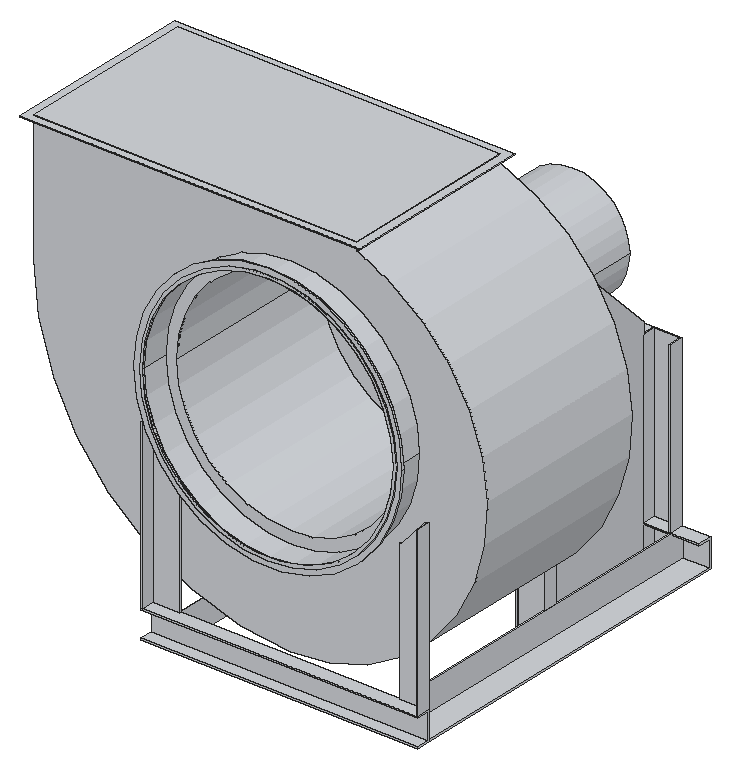
Revit family "ME_Centrifugal Fan", category Mechanical Equipment, Revit 2022
Family settings
  Round Connector Dimension = Use Radius
  Classification = None
  Part Type = Normal
  Work Plane-Based = No
  Always vertical = Yes
  Cut with Voids When Loaded = No
  Maintain Annotation Orientation = No
  Shared = No
  Room Calculation Point = No
Parameters (values of type "900")
  ШиринаСтойкиОкна2 = size_lookup(Габариты, "O2", 0.00 mm, НомерВентилятора)  # 160.00 mm
  ШиринаСтойкиОкна1 = size_lookup(Габариты, "O1", 0.00 mm, НомерВентилятора)  # 160.00 mm
  ШиринаСтойкиДвигателя = size_lookup(Габариты, "SSD", 0.00 mm, НомерВентилятора)  # 100.00 mm
  Швеллер = yes
  Уголок = size_lookup(Габариты, "Ugolok", 0.00 mm, НомерВентилятора)  # 100.00 mm
  УголВысота = "ВРАН_Угол_Высота"
  УголНаклона [instance] = if(Угол = 315.00°, 270.00°, if(Угол = 135.00°, 270.00°, Угол))  # 0.00°
  Угол [instance] = 0.00°
  Столик = -size_lookup(Габариты, "Ugolok", 0.00 mm, НомерВентилятора)  # -100.00 mm
  TES_RPM [instance] = 0
  TES_Pressure [instance] = 0.0 Pa
  TES_MotorPower [instance] = 0 W
  TES_AirFlow [instance] = if(Override Loads, Override AirFlow, AirFlow)  # 0.0 m³/h
  Override Loads [instance] = no
  Override AirFlow [instance] = 0.0 m³/h
  Description = "מפוח צנטריפוגלי"  # constant formula
  Default Elevation = 0.00 mm
  AirFlow [instance] = 0.0 m³/h
  Габариты = "vran_du"
  РадиусДвигателя = size_lookup(Габариты, "RD", 0.00 mm, НомерВентилятора)  # 200.00 mm
  НомерВентилятора = 9.00 mm
  Type Comments = ""
  ВысотаПлощадкиДвигателя [instance] = h - РадиусДвигателя  # 690.00 mm
  ВерхОпор = size_lookup(Габариты, "VO", 0.00 mm, НомерВентилятора)  # 350.00 mm
  R3 = R2 + 30.00 mm  # 470.00 mm
  R2 = R - 10.00 mm  # 440.00 mm
  Lmax = size_lookup(Габариты, "Lmax", 0.00 mm, НомерВентилятора)  # 1283.00 mm
  h [instance] = size_lookup(УголВысота, "h", 0.00 mm, НомерВентилятора, УголНаклона)  # 890.00 mm
  R = (size_lookup(Габариты, "D", 0.00 mm, НомерВентилятора)) / 2  # 450.00 mm
  L2 = size_lookup(Габариты, "L2", 0.00 mm, НомерВентилятора)  # 335.00 mm
  H = size_lookup(Габариты, "H", 0.00 mm, НомерВентилятора)  # 1480.00 mm
  D = R * 2  # 900.00 mm
  C = size_lookup(Габариты, "C", 0.00 mm, НомерВентилятора)  # 870.00 mm
  B_корпуса = size_lookup(Габариты, "BK", 0.00 mm, НомерВентилятора)  # 1616.00 mm
  B = size_lookup(Габариты, "B", 0.00 mm, НомерВентилятора)  # 1130.00 mm
  A = size_lookup(Габариты, "A", 0.00 mm, НомерВентилятора)  # 630.00 mm
Types (15, lengths in mm): name | ШиринаСтойкиОкна2 | ШиринаСтойкиОкна1 | ШиринаСтойкиДвигателя | Уголок | Столик | Габариты | РадиусДвигателя | НомерВентилятора | ВысотаПлощадкиДвигателя | ВерхОпор | R3 | R2 | Lmax | h | R | L2 | H | D | C | B_корпуса | B | A
  1120 | 200.00 | 200.00 | 100.00 | 100.00 | -100.00 | "vran_du" | 200.00 | 11.20 | 900.00 | 450.00 | 580.00 | 550.00 | 1560.00 | 1100.00 | 560.00 | 409.00 | 1835.00 | 1120.00 | 1070.00 | 2005.00 | 1422.00 | 784.00
  1250 | 200.00 | 200.00 | 100.00 | 100.00 | -100.00 | "vran_du" | 200.00 | 12.50 | 1030.00 | 450.00 | 645.00 | 615.00 | 1770.00 | 1230.00 | 625.00 | 455.00 | 2040.00 | 1250.00 | 1230.00 | 2249.00 | 1588.00 | 875.00
  1000 | 200.00 | 200.00 | 100.00 | 100.00 | -100.00 | "УлиткаВРАН" | 200.00 | 10.00 | 770.00 | 400.00 | 520.00 | 490.00 | 1423.00 | 970.00 | 500.00 | 367.00 | 1626.00 | 1000.00 | 960.00 | 1800.00 | 1267.00 | 700.00
  560 | 100.00 | 130.00 | 50.00 | 50.00 | -50.00 | "vran_du" | 100.00 | 5.60 | 470.00 | 200.00 | 300.00 | 270.00 | 865.00 | 570.00 | 280.00 | 202.00 | 945.00 | 560.00 | 550.00 | 1020.00 | 720.00 | 397.00
  400 | 50.00 | 100.00 | 50.00 | 50.00 | -50.00 | "vran_du" | 100.00 | 4.00 | 290.00 | 140.00 | 220.00 | 190.00 | 760.00 | 390.00 | 200.00 | 145.00 | 680.00 | 400.00 | 520.00 | 739.00 | 512.00 | 284.00
  630 | 100.00 | 130.00 | 50.00 | 50.00 | -50.00 | "vran_du" | 150.00 | 6.30 | 490.00 | 200.00 | 335.00 | 305.00 | 989.00 | 640.00 | 315.00 | 231.00 | 1066.00 | 630.00 | 550.00 | 1140.00 | 802.00 | 444.00
  280 | 50.00 | 80.00 | 50.00 | 50.00 | -50.00 | "vran_du" | 80.00 | 2.80 | 230.00 | 70.00 | 160.00 | 130.00 | 495.00 | 310.00 | 140.00 | 101.00 | 503.00 | 280.00 | 370.00 | 523.00 | 363.00 | 200.00
  355 | 50.00 | 100.00 | 50.00 | 50.00 | -50.00 | "vran_du" | 100.00 | 3.55 | 250.00 | 140.00 | 197.50 | 167.50 | 591.00 | 350.00 | 177.50 | 129.00 | 595.00 | 355.00 | 460.00 | 644.00 | 453.00 | 250.00
  500 | 100.00 | 130.00 | 50.00 | 50.00 | -50.00 | "vran_du" | 100.00 | 5.00 | 416.00 | 200.00 | 270.00 | 240.00 | 800.00 | 516.00 | 250.00 | 182.00 | 873.00 | 500.00 | 525.00 | 916.00 | 644.00 | 356.00
  900 | 160.00 | 160.00 | 100.00 | 100.00 | -100.00 | "vran_du" | 200.00 | 9.00 | 690.00 | 350.00 | 470.00 | 440.00 | 1283.00 | 890.00 | 450.00 | 335.00 | 1480.00 | 900.00 | 870.00 | 1616.00 | 1130.00 | 630.00
  800 | 160.00 | 160.00 | 100.00 | 100.00 | -100.00 | "vran_du" | 200.00 | 8.00 | 595.00 | 300.00 | 420.00 | 390.00 | 1133.00 | 795.00 | 400.00 | 297.00 | 1331.00 | 800.00 | 800.00 | 1440.00 | 1007.00 | 560.00
  250 | 30.00 | 80.00 | 50.00 | 50.00 | -50.00 | "vran_du" | 80.00 | 2.50 | 160.00 | 70.00 | 145.00 | 115.00 | 471.00 | 240.00 | 125.00 | 86.00 | 413.00 | 250.00 | 340.00 | 464.00 | 325.00 | 175.00
  315 | 50.00 | 80.00 | 50.00 | 50.00 | -50.00 | "vran_du" | 80.00 | 3.15 | 230.00 | 140.00 | 177.50 | 147.50 | 543.00 | 310.00 | 157.50 | 115.00 | 525.00 | 315.00 | 420.00 | 570.00 | 397.00 | 218.00
  450 | 80.00 | 100.00 | 50.00 | 50.00 | -50.00 | "vran_du" | 100.00 | 4.50 | 335.00 | 200.00 | 245.00 | 215.00 | 770.00 | 435.00 | 225.00 | 164.00 | 760.00 | 450.00 | 525.00 | 822.00 | 569.00 | 315.00
  710 | 160.00 | 160.00 | 100.00 | 100.00 | -100.00 | "vran_du" | 150.00 | 7.10 | 595.00 | 200.00 | 375.00 | 345.00 | 1070.00 | 745.00 | 355.00 | 260.00 | 1225.00 | 710.00 | 710.00 | 1282.00 | 901.00 | 500.00
Reference planes
  plane 1 "По центру (Вперед/Назад)": y = 0
  plane 2: z = 0
  plane 3 "По центру (Влево/Вправо)": x = 0
  plane 4: y = -415
  plane 5 "УлиткаТыл": y = 315
  plane 6 "УлиткаФронт": y = -315
  plane 7 "ОсьДвигателя": z = 890
  plane 8: z = 690
  plane 9: x = -435
  plane 10: x = 435
  plane 11 "ГибкаяВставкаКруглая": y = -555
  plane 12 "ГабаоитВерхний": z = 1480
  plane 13 "ГибкаяВставкаПрямоугольная": z = 1620
  plane 14 "ОпораФронт": y = -365
  plane 15 "ОпораТыл": y = 918
  plane 16: x = 485
  plane 17: x = -485
  plane 18: x = 385
  plane 19: x = -385
  plane 20 "СтолПраво": x = 285
  plane 21 "СтолЛево": x = -285
  plane 22 "ВерхОпор": z = 1240
  plane 23 "СтойкаОкна2": z = 1080
  plane 24 "СтойкаОкна1": y = 758
  plane 25 "Уголок": z = 100
  plane 26: z = 715
  plane 27: y = 868
Forms (mm)
  Extrusion 1, solid
    sketch origin (-640.854, -315, 1200) x (-1, 0, 0) y (0, 0, 1)
      loop
        circle (-640.854, -310) r 450
      loop
        circle (-640.854, -310) r 440
    from 0 to -100
  Extrusion 2, solid
    sketch origin (-640.854, 315, 1200) x (-1, 0, 0) y (0, 0, 1)
      loop
        circle (-640.854, -310) r 200
    from 0 to 603
  Extrusion 3, solid
    sketch origin (-406.373, -1524, 690) x (-1, 0, 0) y (0, -1, 0)
      loop
        line (-121.373, -2442) -> (-121.373, -1839) -> (-691.373, -1839) -> (-691.373, -2442) -> (-121.373, -2442)
    from 0 to -100 <- "Столик"
  Extrusion 4, solid
    sketch origin (-640.854, -415, 1200) x (1, 0, 0) y (0, 0, 1)
      loop
        circle (640.854, -310) r 470
      loop
        circle (640.854, -310) r 440
    from 0 to -5
  Extrusion 5, solid
    sketch origin (-640.854, 315, 1200) x (1, 0, 0) y (0, 0, 1)
      loop
        circle (640.854, -310) r 450
    from 0 to 5
  Sweep 6, solid
    path in 3D
      loop
        line (435, -315, 0) -> (435, 918, 0)
    profile "461_ПрофильУголокОпоры : Профиль" origin (435, 301.5, 0) x (-1, 0, 0) y (0, 0, 1)
      loop
        line (50, 100) -> (45, 100) -> (45, 5) -> (-50, 5) -> (-50, 0) -> (50, 0) -> (50, 100)
  Sweep 7, solid
    path in 3D
      loop
        line (-435, -315, 0) -> (-435, 918, 0)
    profile "461_ПрофильУголокОпоры : Профиль" origin (-435, 301.5, 0) x (-1, 0, 0) y (0, 0, 1)
      loop
        line (-50, 100) -> (-50, 0) -> (50, 0) -> (50, 5) -> (-45, 5) -> (-45, 100) -> (-50, 100)
  Sweep 8, solid, visible <- "Швеллер"
    path in 3D
      loop
        line (-485, -365, 0) -> (485, -365, 0)
    profile "461_ПрофильШвеллерОпоры : Профиль" origin (0, -365, 0) x (0, 1, 0) y (0, 0, 1)
      loop
        line (50, 0) -> (50, 100) -> (0, 100) -> (0, 95) -> (45, 95) -> (45, 5) -> (0, 5) -> (0, 0) -> (50, 0)
  Extrusion 9, solid
    sketch origin (0, 0, 0) x (1, 0, 0) y (0, 1, 0)
      loop
        line (385, 918) -> (285, 918) -> (285, 868) -> (290, 868) -> (290, 913) -> (380, 913) -> (380, 868) -> (385, 868) -> (385, 918)
      loop
        line (-385, 918) -> (-385, 868) -> (-380, 868) -> (-380, 913) -> (-290, 913) -> (-290, 868) -> (-285, 868) -> (-285, 918) -> (-385, 918)
    from 0 to 690
  Extrusion 10, solid
    sketch origin (0, 0, 0) x (1, 0, 0) y (0, 1, 0)
      loop
        line (385, 315) -> (385, 365) -> (380, 365) -> (380, 320) -> (285, 320) -> (285, 315) -> (385, 315)
      loop
        line (-385, 315) -> (-285, 315) -> (-285, 320) -> (-380, 320) -> (-380, 365) -> (-385, 365) -> (-385, 315)
    from 0 to 1240
  Extrusion 11, void
    sketch origin (-640.854, 315, 1200) x (1, 0, 0) y (0, 0, 1)
      loop
        line (1025.854, 40) -> (925.854, 40) -> (925.854, 33.61) -> (934.608, 33.61) -> (1015.854, -50) -> (1025.854, -50) -> (1025.854, 40)
      loop
        line (255.854, 40) -> (255.854, -50) -> (265.854, -50) -> (347.099, 33.61) -> (355.854, 33.61) -> (355.854, 40) -> (255.854, 40)
    from 0 to -60
  Extrusion 12, solid
    sketch origin (285, 0, 0) x (0, 1, 0) y (0, 0, 1)
      loop
        line (868, 730.042) -> (365.042, 1240) -> (315, 1240) -> (315, 0) -> (868, 0) -> (868, 730.042)
      loop
        line (365, 1080) -> (365, 715) -> (758, 715) -> (758, 721.595) -> (389.95, 1080) -> (365, 1080)
    from 0 to 5
  Extrusion 13, void
    sketch origin (-640.854, -315, 1200) x (1, 0, 0) y (0, 0, 1)
      loop
        line (1125.854, -510) -> (1025.854, -510) -> (1025.854, -610) -> (1034.144, -610) -> (1115.82, -515) -> (1125.854, -515) -> (1125.854, -510)
      loop
        line (155.854, -510) -> (155.854, -515) -> (165.887, -515) -> (247.563, -610) -> (255.854, -610) -> (255.854, -510) -> (155.854, -510)
    from 0 to 60
  Extrusion 14, solid, visible <- "Швеллер"
    sketch origin (0, 0, 100) x (-1, 0, 0) y (0, -1, 0)
      loop
        line (-485, 315) -> (-385, 315) -> (-385, 320) -> (-480, 320) -> (-480, 365) -> (-485, 365) -> (-485, 315)
      loop
        line (485, 315) -> (485, 365) -> (480, 365) -> (480, 320) -> (385, 320) -> (385, 315) -> (485, 315)
    from 0 to 590
  Extrusion 15, solid
    sketch origin (-285, 0, 0) x (0, 1, 0) y (0, 0, 1)
      loop
        line (868, 730.042) -> (365.042, 1240) -> (315, 1240) -> (315, 0) -> (868, 0) -> (868, 730.042)
      loop
        line (365, 1080) -> (365, 715) -> (758, 715) -> (758, 721.595) -> (389.95, 1080) -> (365, 1080)
    from 0 to -5
  Sweep 16, solid
    path in 3D
      loop
        line (-485, 868, 100) -> (485, 868, 100)
    profile "461_ПрофильШвеллерОпоры : Профиль" origin (0, 868, 100) x (0, 1, 0) y (0, 0, 1)
      loop
        line (50, 0) -> (0, 0) -> (0, -5) -> (45, -5) -> (45, -95) -> (0, -95) -> (0, -100) -> (50, -100) -> (50, 0)
Cuts and joins
  Extrusion 11, Extrusion 13 cuts Extrusion 10
  Extrusion 13 cuts Extrusion 12
  Extrusion 13 cuts Extrusion 14
  joined: Sweep 6, Sweep 7, Extrusion 9, Sweep 16
Lines and regions (mm)
  reference lines
    curve 1: line (435, -365, 0) -> (435, 918, 0)
    curve 3: line (-435, -365, 0) -> (-435, 918, 0)
    curve 5: line (-485, -365, 0) -> (485, -365, 0)
    curve 7: line (-485, 868, 100) -> (485, 868, 100)
    curve 8: line (-485, 868, 0) -> (485, 868, 0)
    curve 9: line (-485, 868, 0) -> (485, 868, 0)
    curve 10: line (-485, 868, 0) -> (485, 868, 0)
  sketch lines
    curve 2: line (435, -315, 0) -> (435, 918, 0)
    curve 4: line (-435, -315, 0) -> (-435, 918, 0)
    curve 6: line (-485, -365, 0) -> (485, -365, 0)
    curve 11: line (-485, 868, 100) -> (485, 868, 100)
Dimensions and locks
  "A": plane 5 "УлиткаТыл" to plane 6 "УлиткаФронт"
  "h": plane 7 "ОсьДвигателя" to plane 2
  "ВысотаПлощадкиДвигателя": plane 8 to plane 2
  equal spacing: plane 5 "УлиткаТыл", plane 1 "По центру (Вперед/Назад)", plane 6 "УлиткаФронт"
  plane 6 "УлиткаФронт" to plane 4 = 100.00 mm
  plane 4 to plane 11 "ГибкаяВставкаКруглая" = 140.00 mm
  "H": plane 12 "ГабаоитВерхний" to plane 2
  plane 13 "ГибкаяВставкаПрямоугольная" to plane 12 "ГабаоитВерхний" = 140.00 mm
  equal spacing: plane 9, plane 3 "По центру (Влево/Вправо)", plane 10
  "C": plane 9 to plane 10
  locked: plane 6 "УлиткаФронт" to plane 14 "ОпораФронт" at 50
  "ШиринаСтойкиДвигателя": plane 20 "СтолПраво" to plane 18
  "ШиринаСтойкиДвигателя": plane 19 to plane 21 "СтолЛево"
  plane 15 "ОпораТыл" to Extrusion 9 sketch curve = 50.00 mm
  locked: plane 22 "ВерхОпор" to Extrusion 11 sketch curve at 90  (x2)
  "ШиринаСтойкиОкна1": plane 15 "ОпораТыл" to plane 24 "СтойкаОкна1"
  "ШиринаСтойкиОкна2": plane 22 "ВерхОпор" to plane 23 "СтойкаОкна2"
  "Lmax": plane 15 "ОпораТыл" to plane 14 "ОпораФронт"
  equal spacing: plane 18, plane 10, plane 16
  equal spacing: plane 17, plane 9, plane 19
  "Уголок": plane 18 to plane 16
  "Уголок": plane 17 to plane 19
  "Уголок": plane 25 "Уголок" to level
  plane 8 to Extrusion 13 sketch curve = 100.00 mm
  locked: plane 8 to Extrusion 13 sketch curve at 100
  locked: plane 26 to plane 8 at 25
  locked: plane 15 "ОпораТыл" to plane 27 at 50
  "ВерхОпор": plane 22 "ВерхОпор" to plane 7 "ОсьДвигателя"
  "R": radius of Extrusion 1 sketch curve
  "РадиусДвигателя": radius of Extrusion 2 sketch curve
  "R2": radius of Extrusion 1 sketch curve
  "R2": radius of Extrusion 4 sketch curve
  "R3": radius of Extrusion 4 sketch curve
  "R": radius of Extrusion 5 sketch curve
  aligned and locked: level to plane 2
  aligned and locked: Extrusion 1 to plane 4
  aligned and locked: plane 1 "По центру (Вперед/Назад)" to nested 1
  aligned and locked: plane 7 "ОсьДвигателя" to Extrusion 4 sketch curve  (x2)
  aligned and locked: plane 3 "По центру (Влево/Вправо)" to Extrusion 4 sketch curve  (x2)
  aligned and locked: plane 3 "По центру (Влево/Вправо)" to Extrusion 5 sketch curve
  aligned and locked: plane 7 "ОсьДвигателя" to Extrusion 5 sketch curve
  aligned and locked: plane 15 "ОпораТыл" to curve 1
  aligned and locked: plane 14 "ОпораФронт" to curve 1
  aligned and locked: plane 10 to curve 1
  aligned and locked: plane 16 to curve 5
  aligned and locked: plane 17 to curve 5
  aligned and locked: curve 5 to plane 14 "ОпораФронт"
  aligned and locked: plane 5 "УлиткаТыл" to Extrusion 3 sketch curve
  aligned and locked: Extrusion 3 sketch curve to plane 15 "ОпораТыл"
  aligned and locked: Extrusion 3 to Extrusion 2
  aligned and locked: plane 8 to Extrusion 9
  aligned and locked: Extrusion 3 sketch curve to plane 20 "СтолПраво"
  aligned and locked: plane 21 "СтолЛево" to Extrusion 3 sketch curve
  aligned and locked: plane 20 "СтолПраво" to Extrusion 9 sketch curve
  aligned and locked: plane 18 to Extrusion 9 sketch curve
  aligned and locked: plane 15 "ОпораТыл" to Extrusion 9 sketch curve
  aligned and locked: plane 21 "СтолЛево" to Extrusion 9 sketch curve
  aligned and locked: plane 19 to Extrusion 9 sketch curve
  aligned and locked: Extrusion 9 sketch curve to plane 15 "ОпораТыл"
  aligned and locked: plane 5 "УлиткаТыл" to Extrusion 10 sketch curve
  aligned and locked: plane 20 "СтолПраво" to Extrusion 10 sketch curve
  aligned and locked: Extrusion 10 sketch curve to plane 18
  aligned and locked: Extrusion 10 sketch curve to plane 19
  aligned and locked: plane 21 "СтолЛево" to Extrusion 10 sketch curve
  aligned and locked: Extrusion 10 sketch curve to plane 5 "УлиткаТыл"
  aligned and locked: plane 22 "ВерхОпор" to Extrusion 10
  aligned and locked: plane 22 "ВерхОпор" to Extrusion 11 sketch curve
  aligned and locked: plane 18 to Extrusion 11 sketch curve
  aligned and locked: Extrusion 11 sketch curve to plane 20 "СтолПраво"
  aligned and locked: Extrusion 11 sketch curve to plane 22 "ВерхОпор"
  aligned and locked: Extrusion 11 sketch curve to plane 21 "СтолЛево"
  aligned and locked: plane 19 to Extrusion 11 sketch curve
  aligned and locked: plane 5 "УлиткаТыл" to Extrusion 12 sketch curve
  aligned and locked: plane 2 to Extrusion 12 sketch curve
  aligned and locked: plane 22 "ВерхОпор" to Extrusion 12 sketch curve
  aligned and locked: plane 24 "СтойкаОкна1" to cut or joined group of Extrusion 12, Extrusion 13  (x2)
  aligned and locked: plane 8 to Extrusion 14
  aligned and locked: Extrusion 14 sketch curve to plane 17
  aligned and locked: Extrusion 14 sketch curve to plane 6 "УлиткаФронт"
  aligned and locked: Extrusion 14 sketch curve to plane 19
  aligned and locked: plane 14 "ОпораФронт" to Extrusion 14 sketch curve
  aligned and locked: plane 6 "УлиткаФронт" to Extrusion 14 sketch curve
  aligned and locked: Extrusion 14 sketch curve to plane 18
  aligned and locked: plane 16 to Extrusion 14 sketch curve
  aligned and locked: Extrusion 14 sketch curve to plane 14 "ОпораФронт"
  aligned and locked: Extrusion 13 sketch curve to plane 18
  aligned and locked: plane 8 to Extrusion 13 sketch curve
  aligned and locked: Extrusion 13 sketch curve to plane 8
  aligned and locked: Extrusion 13 sketch curve to plane 19
  aligned and locked: plane 23 "СтойкаОкна2" to cut or joined group of Extrusion 12, Extrusion 13
  aligned and locked: Extrusion 12 sketch curve to plane 26
  aligned and locked: plane 23 "СтойкаОкна2" to Extrusion 12 sketch curve
  aligned and locked: plane 24 "СтойкаОкна1" to Extrusion 12 sketch curve
  aligned and locked: plane 16 to curve 7
  aligned and locked: plane 17 to curve 7
  aligned and locked: curve 7 to plane 27
  aligned and locked: plane 17 to curve 8
  aligned and locked: plane 16 to curve 8
  aligned and locked: curve 8 to plane 27
  aligned and locked: plane 17 to curve 9
  aligned and locked: plane 16 to curve 9
  aligned and locked: curve 9 to plane 27
  aligned and locked: plane 17 to curve 10
  aligned and locked: plane 16 to curve 10
  aligned and locked: curve 10 to plane 27
  aligned and locked: plane 3 "По центру (Влево/Вправо)" to nested 1
  aligned and locked: plane 7 "ОсьДвигателя" to nested 1
Automatic sketch dimensions
  plane 19 to Extrusion 9 sketch curve = 5.00 mm
  Extrusion 9 sketch curve to plane 21 "СтолЛево" = 5.00 mm
  Extrusion 9 sketch curve to Extrusion 9 sketch curve = 5.00 mm
  Extrusion 9 sketch curve to plane 18 = 5.00 mm
  Extrusion 9 sketch curve to plane 15 "ОпораТыл" = 50.00 mm  (x3)
  Extrusion 9 sketch curve to plane 15 "ОпораТыл" = 5.00 mm  (x2)
  Extrusion 10 sketch curve to Extrusion 10 sketch curve = 5.00 mm
  Extrusion 10 sketch curve to plane 18 = 5.00 mm
  plane 5 "УлиткаТыл" to Extrusion 10 sketch curve = 5.00 mm  (x2)
  Extrusion 10 sketch curve to Extrusion 10 sketch curve = 45.00 mm  (x2)
  plane 19 to Extrusion 11 sketch curve = 10.00 mm
  Extrusion 11 sketch curve to Extrusion 11 sketch curve = 8.754 mm
  plane 20 "СтолПраво" to Extrusion 11 sketch curve = 8.754 mm
  Extrusion 11 sketch curve to Extrusion 11 sketch curve = 10.00 mm
  Extrusion 11 sketch curve to plane 22 "ВерхОпор" = 6.39 mm  (x2)
  plane 5 "УлиткаТыл" to Extrusion 12 sketch curve = 50.00 mm
  Extrusion 12 sketch curve to Extrusion 12 sketch curve = 50.042 mm
  Extrusion 12 sketch curve to Extrusion 12 sketch curve = 24.95 mm
  plane 26 to Extrusion 12 sketch curve = 15.042 mm
  Extrusion 12 sketch curve to plane 15 "ОпораТыл" = 50.00 mm
  Extrusion 12 sketch curve to Extrusion 12 sketch curve = 6.595 mm
  plane 17 to Extrusion 13 sketch curve = 0.00 mm
  Extrusion 13 sketch curve to plane 16 = 0.00 mm
  Extrusion 13 sketch curve to plane 8 = 5.00 mm  (x2)
  Extrusion 13 sketch curve to Extrusion 13 sketch curve = 10.033 mm  (x2)
  Extrusion 13 sketch curve to Extrusion 13 sketch curve = 8.29 mm
  plane 18 to Extrusion 13 sketch curve = 8.29 mm
  Extrusion 14 sketch curve to plane 16 = 5.00 mm
  Extrusion 14 sketch curve to plane 17 = 5.00 mm
  Extrusion 14 sketch curve to plane 6 "УлиткаФронт" = 5.00 mm  (x2)
  Extrusion 15 sketch curve to plane 5 "УлиткаТыл" = 0.00 mm
  Extrusion 15 sketch curve to plane 26 = 0.00 mm
  plane 23 "СтойкаОкна2" to Extrusion 15 sketch curve = 0.00 mm
  Extrusion 15 sketch curve to plane 22 "ВерхОпор" = 0.00 mm
  Extrusion 15 sketch curve to plane 24 "СтойкаОкна1" = 0.00 mm
  Extrusion 15 sketch curve to level = 0.00 mm
  plane 5 "УлиткаТыл" to Extrusion 15 sketch curve = 50.00 mm
  Extrusion 15 sketch curve to Extrusion 15 sketch curve = 50.042 mm
  Extrusion 15 sketch curve to Extrusion 15 sketch curve = 24.95 mm
  plane 26 to Extrusion 15 sketch curve = 15.042 mm
  Extrusion 15 sketch curve to plane 15 "ОпораТыл" = 50.00 mm
  Extrusion 15 sketch curve to Extrusion 15 sketch curve = 6.595 mm
  curve 3 to plane 9 = 0.00 mm
  curve 3 to plane 15 "ОпораТыл" = 0.00 mm
  Extrusion 1 sketch curve to Extrusion 1 sketch curve = 0.00 mm  (x2)
  Extrusion 1 sketch curve to plane 3 "По центру (Влево/Вправо)" = 0.00 mm
  Extrusion 1 sketch curve to plane 7 "ОсьДвигателя" = 0.00 mm
  Extrusion 2 sketch curve to plane 3 "По центру (Влево/Вправо)" = 0.00 mm
  Extrusion 2 sketch curve to plane 7 "ОсьДвигателя" = 0.00 mm
Nested families
  nested 1: "777_ОВ_Улитка_ВРАН9" at (0, 0, 0), type "УлиткаВРАН"
    with Расход 0.0 m³/h, НомерВентилятора 9.00 mm, L2 335.00 mm, h 890.00 mm, B_корпуса 1616.00 mm, B 1130.00 mm, A 630.00 mm
Connectors
  hvac at (0, -415, 890), driven by "R", driven by "AirFlow"
    settings: on Extrusion 1, index 1, duct flow 0.0 m³/h, flow factor 1.1, pres drop 0.0 Pa, loss coef 0, conn angle 0.00°, conn width 304.8 mm, conn height 304.8 mm, conn diameter 900 mm, duct sys type 29, conn prof type 0, flow config 0, flow direction 0, loss method 0, conn ref index 2, conn util no, is conn primary yes, conn desc ""
  hvac at (-335, 0, 1480), driven by "A", driven by "B", driven by "TES_AirFlow"
    settings: on nested 1, index 2, duct flow 0.0 m³/h, flow factor 1.1, pres drop 0.0 Pa, loss coef 0, conn angle 0.00°, conn width 1130 mm, conn height 630 mm, conn diameter 609.6 mm, duct sys type 28, conn prof type 1, flow config 0, flow direction 2, loss method 0, conn ref index 1, conn util no, is conn primary no, conn desc ""
Definition of nested family "777_ОВ_Улитка_ВРАН9"
  Parameters (values of type "УлиткаВРАН")
    УголНаклона = 0.00°
    Расход [instance] = 0.0 m³/h
    НомерВентилятора = 6.30 mm
    a = 25.00 mm
    L2 = 231.00 mm
    h = 640.00 mm
    Default Elevation = 0.00 mm
    B_корпуса = 1140.00 mm
    B = 801.00 mm
    A = 441.00 mm
  Reference planes
    plane 1 "По центру (Вперед/Назад)": y = 0
    plane 2: z = 0
    plane 3 "По центру (Влево/Вправо)": x = 0
    plane 4: y = 220.5
    plane 5: y = -220.5
    plane 6: z = 640
    plane 7: y = 245.5
    plane 8: x = 169.5
    plane 9: x = -631.5
    plane 10: y = -245.5
    plane 11: x = -231
    plane 12: x = -656.5
    plane 13: x = 194.5
  Forms (mm)
    Sweep 1, solid
      path origin (487.63, -1524, 640) x (1, 0, 0) y (0, 1, 0)
        loop
          line (-487.63, 1303.5) -> (-487.63, 1744.5)
      profile "461_Профиль улитки вентилятора : Профиль" origin (0, 0, 640) x (-1, 0, 0) y (0, 0, 1)
        loop
          circle (0, 0) r 315
        loop
          line (629.5, 420) -> (-171.5, 420) -> (-171.5, 390)
          arc (-171.5, 390) -> (-475.561, -149) -> (0, -545) r 483.17
          arc (0, -545) -> (445.455, -357.072) -> (629.5, 90) r 635.024
          line (629.5, 90) -> (629.5, 420)
    Extrusion 2, solid
      sketch origin (171.5, -220.5, 1060) x (0, 1, 0) y (-1, 0, 0)
        loop
          line (466, 831) -> (-25, 831) -> (-25, -30) -> (466, -30) -> (466, 831)
      from 0 to -5
  Lines and regions (mm)
    model lines
      curve 1: line (-229, 220.5, 1060) -> (-229, -220.5, 1060)
  Dimensions and locks
    equal spacing: plane 4, plane 1 "По центру (Вперед/Назад)", plane 5
    "A": plane 4 to plane 5
    "L2": plane 11 to plane 3 "По центру (Влево/Вправо)"
    equal spacing: plane 9, plane 11, plane 8
    "B": plane 9 to plane 8
    "a": plane 12 to plane 9
    "a": plane 8 to plane 13
    "a": plane 5 to plane 10
    "a": plane 7 to plane 4
    "h": plane 6 to plane 2
    aligned and locked: level to plane 2
    aligned and locked: plane 5 to Sweep 1
    aligned and locked: Extrusion 2 sketch curve to plane 7
    aligned and locked: plane 10 to Extrusion 2 sketch curve
    aligned and locked: curve 1 to Sweep 1
    aligned and locked: Sweep 1 to curve 1
  Automatic sketch dimensions
    plane 3 "По центру (Влево/Вправо)" to Sweep 1 sketch curve = 0.00 mm
    plane 5 to Sweep 1 sketch curve = 0.00 mm
    plane 4 to Sweep 1 sketch curve = 0.00 mm
    Sweep 1 to Extrusion 2 sketch curve = 30.00 mm
    Extrusion 2 sketch curve to Sweep 1 = 30.00 mm
    curve 1 to Sweep 1 = 400.50 mm
